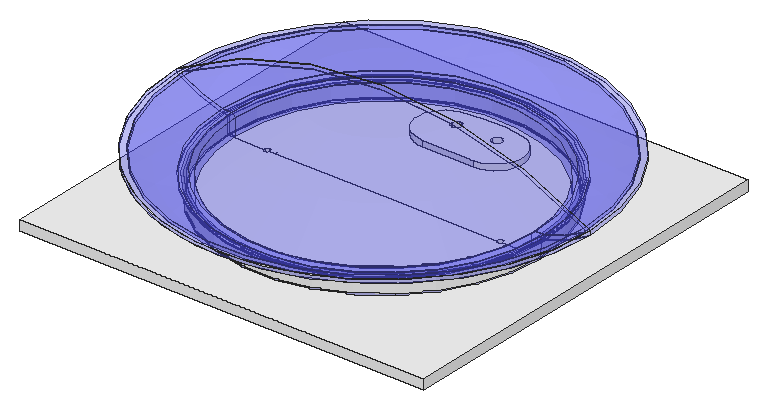
Revit family "BE_51238_de_DE", category Leuchten, Revit 2020
Family settings
  Basisbauteil = Fläche
  Bemaßung runder Anschluss = Durchmesser verwenden
  Teiletyp = Normal
  Beim Laden mit Abzugskörper schneiden = Ja
  Lichtquelle = Ja
  Gemeinsam genutzt = Nein
  Raumberechnungspunkt = Ja
Parameters (values of type "BEGA_51238_K3")
  built-in parameter 1150104 = 13.971 (stored number, unit not read)
  Wattage = 26.4 W
  Default Elevation = 0 mm
  built-in parameter 1150113 = 1 (stored number, unit not read)
  built-in parameter 1114218 = 1 (stored number, unit not read)
  Umgebungstemperatur = "25 °C"
  URL = "https://www.bega.com/de/produkt/51238"
  Typenkommentare = "© 2023 BEGA. Wir behalten uns das Recht vor, technische Änderungen ohne vorherige Ankündigung vorzunehmen."  # constant formula
  built-in parameter 1150134 = (empty or 0)
  built-in parameter 1150109 = 1 (stored number, unit not read)
  Strom = ""
  built-in parameter 1150110 = 1 (stored number, unit not read)
  Spannung = 230 V
  Sonderanfertigung = no
  Seriennummer [instance] = "Hier können Sie die eindeutige Seriennummer für das Facility Management eintragen."
  Schutzklasse = "I"
  Schutzart = "IP 20"
  Scheinlast = 0 VA
  Produktdatenblatt = "https://cdn.bega.com/bega/products/51238K3/current/documents/data-sheets/de"
  Oberflächentemperatur = ""
  Neigungswinkel = 0.00°
  Modell = "51238K3"
  Material_34 = BEGA_Oberfläche_Samtweiss_matt
  Material_11 = BEGA_Glas_opal
  M_W = no
  M_G = no
  M_A = no
  Logo = 0
  built-in parameter 1114217 = 1 (stored number, unit not read)
  built-in parameter 1150139 = (empty or 0)
  built-in parameter 1150105 = 3970 (stored number, unit not read)
  built-in parameter 1150114 = 1 (stored number, unit not read)
  Lumens = 3970.03 lm
  built-in parameter 1150115 = 1 (stored number, unit not read)
  Leuchtenlichtstrom = "3021 lm"
  Leuchtenanzahl = ""
  Lebensdauerkriterien = "L70B50 @ 25 °C = 200000 h"
  Lastklassifizierung = Beleuchtung
  built-in parameter 1150112 = 1 (stored number, unit not read)
  Lampenlichtstrom = "3970 lm"
  Lampe = "LED 26.4 W"
  LED_Modulbezeichnung = "LED-0510/930"
  Hersteller = "BEGA"  # constant formula
  Halbstreuwinkel = ""
  Gewicht = "3.5 kg"
  Gebrauchslageneinschränkung [instance] = ""
  Frequenz = "50 Hz"
  Farbwiedergabeindex = "CRI > 90"
  Farbtemperaturverschiebung bei Dämpfen der Lampe = <Keine Auswahl>
  Farbtemperatur = "3000 K"
  Color Filter = 16777215
  built-in parameter 1150133 = 10 (stored number, unit not read)
  Energieeffizienzklasse = "LED A++ - A"
  built-in parameter 1150137 = (empty or 0)
  built-in parameter 1150132 = (empty or 0)
  ENEC = ""
  Dimmbar [instance] = ""
  Datei für fotometrisches Netz = "BE_51238K3.ies"
  CE_Konformität = "ja"
  Bestellnummer = "51238K3"
  Beschreibung_Sonderanfertigung = "Hier können Sie Informationen zur Sonderanfertigung eintragen."
  Beschreibung = "Decken- und Wandleuchte"
  built-in parameter 1150106 = 39.7 (stored number, unit not read)
  Befestigungsbohrung = "Ø 5,5 mm"
  Befestigungsabstand = "230 mm"
  Ballwurfsicher = ""
  BEGA_Intern_aus = yes
  BEGA_Intern_an = yes
  BEGA_Intern_Konstruktion = yes
  BEGA_Intern = yes
  BEGA_IES = yes
  BEGA_Dummy = no
  Anschlussleitung = ""
  Anschlussleistung [instance] = "31 W"
  Anschlusskasten = ""
  built-in parameter 1150107 = 3000 (stored number, unit not read)
  built-in parameter 1150102 = (empty or 0)
  built-in parameter 1150138 = (empty or 0)
  Aktualisierung = "2023-01-24T04:00:04"
  Abstand_zur_angestrahlten_Fläche [instance] = ""
  AC/DC = "AC"
Types (2, lengths in mm): name | built-in parameter 1150104 | Modell | built-in parameter 1150105 | Lumens | Leuchtenlichtstrom | Lampenlichtstrom | LED_Modulbezeichnung | Farbtemperatur | Datei für fotometrisches Netz | Bestellnummer | built-in parameter 1150106 | built-in parameter 1150107
  BEGA_51238_K3 | 13.971 (stored number, unit not read) | "51238K3" | 3970 (stored number, unit not read) | 3970.03 lm | "3021 lm" | "3970 lm" | "LED-0510/930" | "3000 K" | "BE_51238K3.ies" | "51238K3" | 39.7 (stored number, unit not read) | 3000 (stored number, unit not read)
  BEGA_51238_K27 | 13.53 (stored number, unit not read) | "51238K27" | 305.97 (stored number, unit not read) | 3844.9 lm | "2926 lm" | "3845 lm" | "LED-0510/927" | "2700 K" | "BE_51238K27.ies" | "51238K27" | 3.0597 (stored number, unit not read) | 2700 (stored number, unit not read)
Reference planes
  plane 1 "Mitte (Vorne/Hinten)": y = 0
  plane 2: z = 0
  plane 3 "Mitte (Links/Rechts)": x = 0
  plane 4 "Links": x = -205
  plane 5 "Rechts": x = 205
  plane 6 "Unten": y = -205
  plane 7 "Oben": y = 205
  plane 8 "Vorne": z = 100.8
  plane 9 "Hinten": z = 0
Forms (mm)
  Extrusion 1, solid, material "BEGA_Platte_Weiss"
    sketch origin (0, -1119.2, 0) x (1, 0, 0) y (0, 1, 0)
      loop
        line (-200, 1319.2) -> (-200, 919.2) -> (200, 919.2) -> (200, 1319.2) -> (-200, 1319.2)
    from 0 to -10
  Extrusion 2, solid, material "BEGA_Dummy_matt", visible <- "BEGA_Dummy"
    sketch origin (77.149, -76.023, 0) x (1, 0, 0) y (0, 1, 0)
      loop
        circle (-77.149, 76.023) r 205
    from 0 to 100.8
Dimensions and locks
  plane 1 "Mitte (Vorne/Hinten)" to Extrusion 1 = 200 mm
  aligned and locked: plane 2 to Extrusion 1
  aligned and locked: level to Extrusion 1
Nested families
  nested 1: "BE_51238_Leuchte" at (0, 0, 0), type "BE_51238_Leuchte"
Connectors
  electrical at (0, 0, 0), driven by "Lastklassifizierung", driven by "Spannung", driven by "Scheinlast"
    settings: index 1, voltage 230 V, apparent load 0 VA, apparent load phase1 0 VA, apparent load phase2 0 VA, apparent load phase3 0 VA, power factor 1, load classification "Beleuchtung", number of poles 1, system type 31, power factor state 1, is connector primary yes, connector utility no, sub classification motor no, connector description ""
Definition of nested family "BE_51238_Leuchte"
  Parameters (values of type "BE_51233_Leuchte")
    Default Elevation = 1 mm
    URL = "http://www.bega.de/de/produkt"
    Type Comments = "© 2015 BEGA. Wir behalten uns das Recht vor, technische Änderungen ohne vorherige Ankündigung vorzunehmen. "  # constant formula
    Type Image = (empty or 0)
    Material_34 = none
    Material_11 = none
    Länge_Platte = 200 mm  # constant formula
    Höhe_Platte = -10 mm  # constant formula
    Manufacturer = "BEGA"  # constant formula
    Breite_Platte = 200 mm  # constant formula
  Reference planes
    plane 1 "Mitte (Oben/Unten)": y = 0
    plane 2: z = 0
    plane 3 "Mitte (Links/Rechts)": x = 0
    plane 4: z = 100.8
    plane 5: x = -205
    plane 6: x = 205
    plane 7: z = 0
    plane 8: y = 205
    plane 9: y = -205
  Forms (mm)
    Extrusion 1, solid, detail levels medium
      sketch origin (0, 0, 0) x (1, 0, 0) y (0, 1, 0)
        loop
          line (-100, 100) -> (-100, -100) -> (100, -100) -> (100, 100) -> (-100, 100)
      from 0 to -10 <- "Höhe_Platte"
    Revolve 2, solid, material <- "Material_34"
      sketch origin (0, 0, 0) x (1, 0, 0) y (0, 0, 1)
        loop
          arc (156.831, 20.8) -> (155.563, 20.284) -> (155.024, 19.025) r 1.8
          line (155.024, 19.025) -> (154.767, 4.283)
          arc (154.767, 4.283) -> (154.468, 3.587) -> (153.767, 3.3) r 1
          line (153.767, 3.3) -> (0, 3.3) -> (0, 2.3) -> (153.767, 2.3)
          arc (153.767, 2.3) -> (155.169, 2.873) -> (155.767, 4.265) r 2
          line (155.767, 4.265) -> (156.024, 19.01)
          arc (156.024, 19.01) -> (156.264, 19.571) -> (156.829, 19.8) r 0.8
          line (156.829, 19.8) -> (159, 19.8) -> (159, 20.8) -> (156.831, 20.8)
        axis (0, 2.3) -> (0, 20.8)
      angle from 0 to 360
    Extrusion 3, solid, material <- "Material_34"
      sketch origin (0, 0, 0) x (1, 0, 0) y (0, 1, 0)
        loop
          circle (-115, 0) r 7.599
        loop
          circle (115, 0) r 7.599
      from 0 to 2.3
    Extrusion 4, void
      sketch origin (0, 0, 0) x (1, 0, 0) y (0, 1, 0)
        loop
          circle (-115, 0) r 2.75
        loop
          circle (115, 0) r 2.75
      from 0 to 3.3
    Extrusion 5, solid, material <- "Material_34"
      sketch origin (0, 0, 0) x (1, 0, 0) y (0, 1, 0)
        loop
          arc (31.165, 132.763) -> (0, 136.372) -> (-31.165, 132.763) r 136.372
          arc (-31.165, 132.763) -> (-51.798, 103.397) -> (-25, 79.523) r 26.977
          line (-25, 79.523) -> (25, 79.523)
          arc (25, 79.523) -> (51.798, 103.397) -> (31.165, 132.763) r 26.977
      from 3.3 to 8.8
    Extrusion 6, void
      sketch origin (0, 0, 0) x (1, 0, 0) y (0, 1, 0)
        loop
          circle (-20, 115) r 5
        loop
          circle (20, 115) r 5
      from 2.279 to 8.8
    Revolve 7, solid, material <- "Material_11"
      sketch origin (0, 0, 0) x (1, 0, 0) y (0, 0, 1)
        loop
          line (0, 100.9) -> (0, 96.902)
          arc (0, 96.902) -> (102.409, 83.43) -> (197.85, 43.932) r 395.997
          arc (197.85, 43.932) -> (198.851, 42.176) -> (197.809, 40.444) r 2
          arc (197.809, 40.444) -> (179.308, 31.05) -> (159.473, 24.954) r 121.001
          line (159.473, 24.954) -> (150.807, 24.5)
          arc (150.807, 24.5) -> (148.173, 23.575) -> (146.458, 21.373) r 4.956
          line (146.458, 21.373) -> (146.458, 4.9) -> (152.494, 4.9) -> (152.494, 20.583) -> (160, 20.976)
          arc (160, 20.976) -> (183.46, 28.449) -> (205, 40.375) r 125
          line (205, 40.375) -> (205, 44.375)
          arc (205, 44.375) -> (106.325, 86.51) -> (0, 100.9) r 400.002
        axis (0, 4.9) -> (0, 100.9)
      angle from 0 to 360
  Cuts and joins
    Extrusion 4, Extrusion 6 cuts Revolve 2
    Extrusion 4, Extrusion 6 cuts Extrusion 3
    Extrusion 6 cuts Extrusion 5
    joined: Revolve 2, Extrusion 3, Extrusion 5
  Dimensions and locks
    equal spacing: Extrusion 1 sketch curve, plane 3 "Mitte (Links/Rechts)", Extrusion 1 sketch curve
    equal spacing: Extrusion 1 sketch curve, plane 1 "Mitte (Oben/Unten)", Extrusion 1 sketch curve
    "Länge_Platte": Extrusion 1 sketch curve to Extrusion 1 sketch curve
    "Breite_Platte": Extrusion 1 sketch curve to Extrusion 1 sketch curve
    plane 1 "Mitte (Oben/Unten)" to Extrusion 1 = 100 mm  (x3)
    aligned and locked: plane 2 to Extrusion 1
    aligned and locked: level to Extrusion 1
  Automatic sketch dimensions
    level to Revolve 2 sketch curve = 20.8 mm
    Revolve 2 sketch curve to Revolve 2 sketch curve = 2.169 mm
    Revolve 2 sketch curve to Revolve 2 sketch curve = 1 mm  (x5)
    Revolve 2 sketch curve to Revolve 2 sketch curve = 0.002 mm
    Revolve 2 sketch curve to Revolve 2 sketch curve = 0.005 mm
    Revolve 2 sketch curve to Revolve 2 sketch curve = 0.8 mm  (x2)
    Revolve 2 sketch curve to Revolve 2 sketch curve = 0 mm  (x10)
    level to Revolve 2 sketch curve = 4.265 mm
    Revolve 2 sketch curve to Revolve 2 sketch curve = 0.257 mm
    level to Revolve 2 sketch curve = 4.283 mm
    Revolve 2 sketch curve to Revolve 2 sketch curve = 0.017 mm
    Revolve 2 sketch curve to plane 3 "Mitte (Links/Rechts)" = 0 mm
    Revolve 2 sketch curve to Revolve 2 sketch curve = 153.767 mm
    level to Revolve 2 sketch curve = 2.3 mm
    plane 1 "Mitte (Oben/Unten)" to Extrusion 5 sketch curve = 0 mm
    Extrusion 5 sketch curve to plane 3 "Mitte (Links/Rechts)" = 0 mm
    Extrusion 5 sketch curve to plane 3 "Mitte (Links/Rechts)" = 25 mm  (x2)
    Extrusion 5 sketch curve to plane 1 "Mitte (Oben/Unten)" = 106.5 mm
    Extrusion 5 sketch curve to Extrusion 5 sketch curve = 6.165 mm
    Extrusion 5 sketch curve to Extrusion 5 sketch curve = 0 mm  (x4)
    plane 3 "Mitte (Links/Rechts)" to Extrusion 5 sketch curve = 31.165 mm
    plane 3 "Mitte (Links/Rechts)" to Extrusion 5 sketch curve = 25 mm
    Extrusion 5 sketch curve to Extrusion 5 sketch curve = 50 mm
    Revolve 7 sketch curve to plane 3 "Mitte (Links/Rechts)" = 0.002 mm
    Revolve 7 sketch curve to plane 3 "Mitte (Links/Rechts)" = 0 mm  (x2)
    plane 3 "Mitte (Links/Rechts)" to Revolve 7 sketch curve = 133.977 mm
    Revolve 7 sketch curve to Revolve 7 sketch curve = 0 mm  (x3)
    level to Revolve 7 sketch curve = 4.9 mm
    Revolve 7 sketch curve to Revolve 7 sketch curve = 12.481 mm
    Revolve 7 sketch curve to Revolve 7 sketch curve = 4.609 mm
    Revolve 7 sketch curve to Revolve 7 sketch curve = 6.037 mm
    level to Revolve 7 sketch curve = 24.954 mm
    Revolve 7 sketch curve to Revolve 7 sketch curve = 6.979 mm
    level to Revolve 7 sketch curve = 20.976 mm
    Revolve 7 sketch curve to Revolve 7 sketch curve = 0.527 mm
    Revolve 7 sketch curve to Revolve 7 sketch curve = 37.378 mm
    Revolve 7 sketch curve to Revolve 7 sketch curve = 0.006 mm
    Revolve 7 sketch curve to Revolve 7 sketch curve = 1.425 mm
    Revolve 7 sketch curve to Revolve 7 sketch curve = 1.032 mm
    Revolve 7 sketch curve to Revolve 7 sketch curve = 17.246 mm
    Revolve 7 sketch curve to Revolve 7 sketch curve = 101.038 mm
    Revolve 7 sketch curve to Revolve 7 sketch curve = 1.687 mm
    Revolve 7 sketch curve to Revolve 7 sketch curve = 0.958 mm
    Revolve 7 sketch curve to Revolve 7 sketch curve = 7.15 mm
    Revolve 7 sketch curve to Revolve 7 sketch curve = 1.822 mm
    Revolve 7 sketch curve to Revolve 7 sketch curve = 4 mm
    Revolve 7 sketch curve to Revolve 7 sketch curve = 42.338 mm
